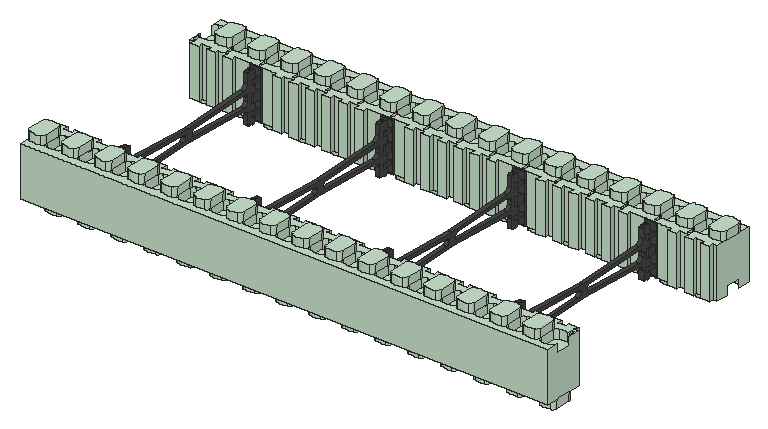
Revit family
Reference planes
  plane 1 "Center (Front/Back)": y = 0
  plane 2: z = 0
  plane 3 "Center (Left/Right)": x = 0
Forms (mm)
  Extrusion 1, solid, material "NUDURA Expanded Polystyrene Foam Insulation"
    sketch origin (0, -0.083, 0) x (1, 0, 0) y (0, 1, 0)
      loop
        line (0, 60.325) -> (0, 0) -> (812.8, 0) -> (812.8, 60.325) -> (805.658, 60.325) -> (807.242, 66.675) -> (792.958, 66.675) -> (794.542, 60.325) -> (780.258, 60.325) -> (781.842, 66.675) -> (767.558, 66.675) -> (769.142, 60.325) -> (754.858, 60.325) -> (756.442, 66.675) -> (742.158, 66.675) -> (743.742, 60.325) -> (678.658, 60.325) -> (680.242, 66.675) -> (665.958, 66.675) -> (667.542, 60.325) -> (653.258, 60.325) -> (654.842, 66.675) -> (640.558, 66.675) -> (642.142, 60.325) -> (627.858, 60.325) -> (629.442, 66.675) -> (615.158, 66.675) -> (616.742, 60.325) -> (602.458, 60.325) -> (604.042, 66.675) -> (589.758, 66.675) -> (591.342, 60.325) -> (577.058, 60.325) -> (578.642, 66.675) -> (564.358, 66.675) -> (565.942, 60.325) -> (551.658, 60.325) -> (553.242, 66.675) -> (538.958, 66.675) -> (540.542, 60.325) -> (475.458, 60.325) -> (477.042, 66.675) -> (462.758, 66.675) -> (464.342, 60.325) -> (450.058, 60.325) -> (451.642, 66.675) -> (437.358, 66.675) -> (438.942, 60.325) -> (424.658, 60.325) -> (426.242, 66.675) -> (411.958, 66.675) -> (413.542, 60.325) -> (399.258, 60.325) -> (400.842, 66.675) -> (386.558, 66.675) -> (388.142, 60.325) -> (373.858, 60.325) -> (375.442, 66.675) -> (361.158, 66.675) -> (362.742, 60.325) -> (348.458, 60.325) -> (350.042, 66.675) -> (335.758, 66.675) -> (337.342, 60.325) -> (272.258, 60.325) -> (273.842, 66.675) -> (259.558, 66.675) -> (261.142, 60.325) -> (246.858, 60.325) -> (248.442, 66.675) -> (234.158, 66.675) -> (235.742, 60.325) -> (221.458, 60.325) -> (223.042, 66.675) -> (208.758, 66.675) -> (210.342, 60.325) -> (196.058, 60.325) -> (197.642, 66.675) -> (183.358, 66.675) -> (184.942, 60.325) -> (170.658, 60.325) -> (172.242, 66.675) -> (157.958, 66.675) -> (159.542, 60.325) -> (145.258, 60.325) -> (146.842, 66.675) -> (132.558, 66.675) -> (134.142, 60.325) -> (69.058, 60.325) -> (70.642, 66.675) -> (56.358, 66.675) -> (57.942, 60.325) -> (43.658, 60.325) -> (45.242, 66.675) -> (30.958, 66.675) -> (32.542, 60.325) -> (18.258, 60.325) -> (19.842, 66.675) -> (5.558, 66.675) -> (7.142, 60.325) -> (0, 60.325)
      loop
        line (0, 327.025) -> (7.142, 327.025) -> (5.558, 320.675) -> (19.842, 320.675) -> (18.258, 327.025) -> (32.542, 327.025) -> (30.958, 320.675) -> (45.242, 320.675) -> (43.658, 327.025) -> (57.942, 327.025) -> (56.358, 320.675) -> (70.642, 320.675) -> (69.058, 327.025) -> (134.142, 327.025) -> (132.558, 320.675) -> (146.842, 320.675) -> (145.258, 327.025) -> (159.542, 327.025) -> (157.958, 320.675) -> (172.242, 320.675) -> (170.658, 327.025) -> (184.942, 327.025) -> (183.358, 320.675) -> (197.642, 320.675) -> (196.058, 327.025) -> (210.342, 327.025) -> (208.758, 320.675) -> (223.042, 320.675) -> (221.458, 327.025) -> (235.742, 327.025) -> (234.158, 320.675) -> (248.442, 320.675) -> (246.858, 327.025) -> (261.142, 327.025) -> (259.558, 320.675) -> (273.842, 320.675) -> (272.258, 327.025) -> (337.342, 327.025) -> (335.758, 320.675) -> (350.042, 320.675) -> (348.458, 327.025) -> (362.742, 327.025) -> (361.158, 320.675) -> (375.442, 320.675) -> (373.858, 327.025) -> (388.142, 327.025) -> (386.558, 320.675) -> (400.842, 320.675) -> (399.258, 327.025) -> (413.542, 327.025) -> (411.958, 320.675) -> (426.242, 320.675) -> (424.658, 327.025) -> (438.942, 327.025) -> (437.358, 320.675) -> (451.642, 320.675) -> (450.058, 327.025) -> (464.342, 327.025) -> (462.758, 320.675) -> (477.042, 320.675) -> (475.458, 327.025) -> (540.542, 327.025) -> (538.958, 320.675) -> (553.242, 320.675) -> (551.658, 327.025) -> (565.942, 327.025) -> (564.358, 320.675) -> (578.642, 320.675) -> (577.058, 327.025) -> (591.342, 327.025) -> (589.758, 320.675) -> (604.042, 320.675) -> (602.458, 327.025) -> (616.742, 327.025) -> (615.158, 320.675) -> (629.442, 320.675) -> (627.858, 327.025) -> (642.142, 327.025) -> (640.558, 320.675) -> (654.842, 320.675) -> (653.258, 327.025) -> (667.542, 327.025) -> (665.958, 320.675) -> (680.242, 320.675) -> (678.658, 327.025) -> (743.742, 327.025) -> (742.158, 320.675) -> (756.442, 320.675) -> (754.858, 327.025) -> (769.142, 327.025) -> (767.558, 320.675) -> (781.842, 320.675) -> (780.258, 327.025) -> (794.542, 327.025) -> (792.958, 320.675) -> (807.242, 320.675) -> (805.658, 327.025) -> (812.8, 327.025) -> (812.8, 387.35) -> (0, 387.35) -> (0, 327.025)
    from 0 to 76.2
  Extrusion 2, void
    sketch origin (0, -0.083, 0) x (1, 0, 0) y (0, 1, 0)
      loop
        line (44.346, 56.046) -> (44.346, 50.418)
        arc (44.346, 50.418) -> (43.786, 49.207) -> (42.5, 48.851) r 1.587
        arc (42.5, 48.851) -> (36.091, 49.138) -> (29.796, 47.903) r 26.987
        arc (29.796, 47.903) -> (26.615, 45.597) -> (25.4, 41.861) r 6.35
        line (25.4, 41.861) -> (25.4, 18.464)
        arc (25.4, 18.464) -> (26.615, 14.728) -> (29.796, 12.422) r 6.35
        arc (29.796, 12.422) -> (38.1, 11.112) -> (46.404, 12.422) r 26.987
        arc (46.404, 12.422) -> (49.585, 14.728) -> (50.8, 18.464) r 6.35
        line (50.8, 18.464) -> (50.8, 41.861)
        arc (50.8, 41.861) -> (50.362, 44.179) -> (49.108, 46.177) r 6.35
        arc (49.108, 46.177) -> (48.795, 46.676) -> (48.685, 47.255) r 1.588
        line (48.685, 47.255) -> (48.685, 56.046) -> (44.346, 56.046)
    from 76.2 to 63.5
  Extrusion 3, void
    sketch origin (50.8, -0.083, 0) x (1, 0, 0) y (0, 1, 0)
      loop
        line (44.346, 56.046) -> (44.346, 50.418)
        arc (44.346, 50.418) -> (43.786, 49.207) -> (42.5, 48.851) r 1.587
        arc (42.5, 48.851) -> (36.091, 49.138) -> (29.796, 47.903) r 26.987
        arc (29.796, 47.903) -> (26.615, 45.597) -> (25.4, 41.861) r 6.35
        line (25.4, 41.861) -> (25.4, 18.464)
        arc (25.4, 18.464) -> (26.615, 14.728) -> (29.796, 12.422) r 6.35
        arc (29.796, 12.422) -> (38.1, 11.112) -> (46.404, 12.422) r 26.987
        arc (46.404, 12.422) -> (49.585, 14.728) -> (50.8, 18.464) r 6.35
        line (50.8, 18.464) -> (50.8, 41.861)
        arc (50.8, 41.861) -> (50.362, 44.179) -> (49.108, 46.177) r 6.35
        arc (49.108, 46.177) -> (48.795, 46.676) -> (48.685, 47.255) r 1.588
        line (48.685, 47.255) -> (48.685, 56.046) -> (44.346, 56.046)
    from 76.2 to 63.5
  Extrusion 4, void
    sketch origin (101.6, -0.083, 0) x (1, 0, 0) y (0, 1, 0)
      loop
        line (44.346, 56.046) -> (44.346, 50.418)
        arc (44.346, 50.418) -> (43.786, 49.207) -> (42.5, 48.851) r 1.587
        arc (42.5, 48.851) -> (36.091, 49.138) -> (29.796, 47.903) r 26.987
        arc (29.796, 47.903) -> (26.615, 45.597) -> (25.4, 41.861) r 6.35
        line (25.4, 41.861) -> (25.4, 18.464)
        arc (25.4, 18.464) -> (26.615, 14.728) -> (29.796, 12.422) r 6.35
        arc (29.796, 12.422) -> (38.1, 11.112) -> (46.404, 12.422) r 26.987
        arc (46.404, 12.422) -> (49.585, 14.728) -> (50.8, 18.464) r 6.35
        line (50.8, 18.464) -> (50.8, 41.861)
        arc (50.8, 41.861) -> (50.362, 44.179) -> (49.108, 46.177) r 6.35
        arc (49.108, 46.177) -> (48.795, 46.676) -> (48.685, 47.255) r 1.588
        line (48.685, 47.255) -> (48.685, 56.046) -> (44.346, 56.046)
    from 76.2 to 63.5
  Extrusion 5, void
    sketch origin (152.4, -0.083, 0) x (1, 0, 0) y (0, 1, 0)
      loop
        line (44.346, 56.046) -> (44.346, 50.418)
        arc (44.346, 50.418) -> (43.786, 49.207) -> (42.5, 48.851) r 1.587
        arc (42.5, 48.851) -> (36.091, 49.138) -> (29.796, 47.903) r 26.987
        arc (29.796, 47.903) -> (26.615, 45.597) -> (25.4, 41.861) r 6.35
        line (25.4, 41.861) -> (25.4, 18.464)
        arc (25.4, 18.464) -> (26.615, 14.728) -> (29.796, 12.422) r 6.35
        arc (29.796, 12.422) -> (38.1, 11.112) -> (46.404, 12.422) r 26.987
        arc (46.404, 12.422) -> (49.585, 14.728) -> (50.8, 18.464) r 6.35
        line (50.8, 18.464) -> (50.8, 41.861)
        arc (50.8, 41.861) -> (50.362, 44.179) -> (49.108, 46.177) r 6.35
        arc (49.108, 46.177) -> (48.795, 46.676) -> (48.685, 47.255) r 1.588
        line (48.685, 47.255) -> (48.685, 56.046) -> (44.346, 56.046)
    from 76.2 to 63.5
  Extrusion 6, void
    sketch origin (203.2, -0.083, 0) x (1, 0, 0) y (0, 1, 0)
      loop
        line (44.346, 56.046) -> (44.346, 50.418)
        arc (44.346, 50.418) -> (43.786, 49.207) -> (42.5, 48.851) r 1.587
        arc (42.5, 48.851) -> (36.091, 49.138) -> (29.796, 47.903) r 26.987
        arc (29.796, 47.903) -> (26.615, 45.597) -> (25.4, 41.861) r 6.35
        line (25.4, 41.861) -> (25.4, 18.464)
        arc (25.4, 18.464) -> (26.615, 14.728) -> (29.796, 12.422) r 6.35
        arc (29.796, 12.422) -> (38.1, 11.112) -> (46.404, 12.422) r 26.987
        arc (46.404, 12.422) -> (49.585, 14.728) -> (50.8, 18.464) r 6.35
        line (50.8, 18.464) -> (50.8, 41.861)
        arc (50.8, 41.861) -> (50.362, 44.179) -> (49.108, 46.177) r 6.35
        arc (49.108, 46.177) -> (48.795, 46.676) -> (48.685, 47.255) r 1.588
        line (48.685, 47.255) -> (48.685, 56.046) -> (44.346, 56.046)
    from 76.2 to 63.5
  Extrusion 7, void
    sketch origin (254, -0.083, 0) x (1, 0, 0) y (0, 1, 0)
      loop
        line (44.346, 56.046) -> (44.346, 50.418)
        arc (44.346, 50.418) -> (43.786, 49.207) -> (42.5, 48.851) r 1.587
        arc (42.5, 48.851) -> (36.091, 49.138) -> (29.796, 47.903) r 26.987
        arc (29.796, 47.903) -> (26.615, 45.597) -> (25.4, 41.861) r 6.35
        line (25.4, 41.861) -> (25.4, 18.464)
        arc (25.4, 18.464) -> (26.615, 14.728) -> (29.796, 12.422) r 6.35
        arc (29.796, 12.422) -> (38.1, 11.112) -> (46.404, 12.422) r 26.987
        arc (46.404, 12.422) -> (49.585, 14.728) -> (50.8, 18.464) r 6.35
        line (50.8, 18.464) -> (50.8, 41.861)
        arc (50.8, 41.861) -> (50.362, 44.179) -> (49.108, 46.177) r 6.35
        arc (49.108, 46.177) -> (48.795, 46.676) -> (48.685, 47.255) r 1.588
        line (48.685, 47.255) -> (48.685, 56.046) -> (44.346, 56.046)
    from 76.2 to 63.5
  Extrusion 8, void
    sketch origin (304.8, -0.083, 0) x (1, 0, 0) y (0, 1, 0)
      loop
        line (44.346, 56.046) -> (44.346, 50.418)
        arc (44.346, 50.418) -> (43.786, 49.207) -> (42.5, 48.851) r 1.587
        arc (42.5, 48.851) -> (36.091, 49.138) -> (29.796, 47.903) r 26.987
        arc (29.796, 47.903) -> (26.615, 45.597) -> (25.4, 41.861) r 6.35
        line (25.4, 41.861) -> (25.4, 18.464)
        arc (25.4, 18.464) -> (26.615, 14.728) -> (29.796, 12.422) r 6.35
        arc (29.796, 12.422) -> (38.1, 11.112) -> (46.404, 12.422) r 26.987
        arc (46.404, 12.422) -> (49.585, 14.728) -> (50.8, 18.464) r 6.35
        line (50.8, 18.464) -> (50.8, 41.861)
        arc (50.8, 41.861) -> (50.362, 44.179) -> (49.108, 46.177) r 6.35
        arc (49.108, 46.177) -> (48.795, 46.676) -> (48.685, 47.255) r 1.588
        line (48.685, 47.255) -> (48.685, 56.046) -> (44.346, 56.046)
    from 76.2 to 63.5
  Extrusion 9, void
    sketch origin (355.6, -0.083, 0) x (1, 0, 0) y (0, 1, 0)
      loop
        line (44.346, 56.046) -> (44.346, 50.418)
        arc (44.346, 50.418) -> (43.786, 49.207) -> (42.5, 48.851) r 1.587
        arc (42.5, 48.851) -> (36.091, 49.138) -> (29.796, 47.903) r 26.987
        arc (29.796, 47.903) -> (26.615, 45.597) -> (25.4, 41.861) r 6.35
        line (25.4, 41.861) -> (25.4, 18.464)
        arc (25.4, 18.464) -> (26.615, 14.728) -> (29.796, 12.422) r 6.35
        arc (29.796, 12.422) -> (38.1, 11.112) -> (46.404, 12.422) r 26.987
        arc (46.404, 12.422) -> (49.585, 14.728) -> (50.8, 18.464) r 6.35
        line (50.8, 18.464) -> (50.8, 41.861)
        arc (50.8, 41.861) -> (50.362, 44.179) -> (49.108, 46.177) r 6.35
        arc (49.108, 46.177) -> (48.795, 46.676) -> (48.685, 47.255) r 1.588
        line (48.685, 47.255) -> (48.685, 56.046) -> (44.346, 56.046)
    from 76.2 to 63.5
  Extrusion 10, void
    sketch origin (406.4, -0.083, 0) x (1, 0, 0) y (0, 1, 0)
      loop
        line (44.346, 56.046) -> (44.346, 50.418)
        arc (44.346, 50.418) -> (43.786, 49.207) -> (42.5, 48.851) r 1.587
        arc (42.5, 48.851) -> (36.091, 49.138) -> (29.796, 47.903) r 26.987
        arc (29.796, 47.903) -> (26.615, 45.597) -> (25.4, 41.861) r 6.35
        line (25.4, 41.861) -> (25.4, 18.464)
        arc (25.4, 18.464) -> (26.615, 14.728) -> (29.796, 12.422) r 6.35
        arc (29.796, 12.422) -> (38.1, 11.112) -> (46.404, 12.422) r 26.987
        arc (46.404, 12.422) -> (49.585, 14.728) -> (50.8, 18.464) r 6.35
        line (50.8, 18.464) -> (50.8, 41.861)
        arc (50.8, 41.861) -> (50.362, 44.179) -> (49.108, 46.177) r 6.35
        arc (49.108, 46.177) -> (48.795, 46.676) -> (48.685, 47.255) r 1.588
        line (48.685, 47.255) -> (48.685, 56.046) -> (44.346, 56.046)
    from 76.2 to 63.5
  Extrusion 11, void
    sketch origin (457.2, -0.083, 0) x (1, 0, 0) y (0, 1, 0)
      loop
        line (44.346, 56.046) -> (44.346, 50.418)
        arc (44.346, 50.418) -> (43.786, 49.207) -> (42.5, 48.851) r 1.587
        arc (42.5, 48.851) -> (36.091, 49.138) -> (29.796, 47.903) r 26.987
        arc (29.796, 47.903) -> (26.615, 45.597) -> (25.4, 41.861) r 6.35
        line (25.4, 41.861) -> (25.4, 18.464)
        arc (25.4, 18.464) -> (26.615, 14.728) -> (29.796, 12.422) r 6.35
        arc (29.796, 12.422) -> (38.1, 11.112) -> (46.404, 12.422) r 26.987
        arc (46.404, 12.422) -> (49.585, 14.728) -> (50.8, 18.464) r 6.35
        line (50.8, 18.464) -> (50.8, 41.861)
        arc (50.8, 41.861) -> (50.362, 44.179) -> (49.108, 46.177) r 6.35
        arc (49.108, 46.177) -> (48.795, 46.676) -> (48.685, 47.255) r 1.588
        line (48.685, 47.255) -> (48.685, 56.046) -> (44.346, 56.046)
    from 76.2 to 63.5
  Extrusion 12, void
    sketch origin (508, -0.083, 0) x (1, 0, 0) y (0, 1, 0)
      loop
        line (44.346, 56.046) -> (44.346, 50.418)
        arc (44.346, 50.418) -> (43.786, 49.207) -> (42.5, 48.851) r 1.587
        arc (42.5, 48.851) -> (36.091, 49.138) -> (29.796, 47.903) r 26.987
        arc (29.796, 47.903) -> (26.615, 45.597) -> (25.4, 41.861) r 6.35
        line (25.4, 41.861) -> (25.4, 18.464)
        arc (25.4, 18.464) -> (26.615, 14.728) -> (29.796, 12.422) r 6.35
        arc (29.796, 12.422) -> (38.1, 11.112) -> (46.404, 12.422) r 26.987
        arc (46.404, 12.422) -> (49.585, 14.728) -> (50.8, 18.464) r 6.35
        line (50.8, 18.464) -> (50.8, 41.861)
        arc (50.8, 41.861) -> (50.362, 44.179) -> (49.108, 46.177) r 6.35
        arc (49.108, 46.177) -> (48.795, 46.676) -> (48.685, 47.255) r 1.588
        line (48.685, 47.255) -> (48.685, 56.046) -> (44.346, 56.046)
    from 76.2 to 63.5
  Extrusion 13, void
    sketch origin (558.8, -0.083, 0) x (1, 0, 0) y (0, 1, 0)
      loop
        line (44.346, 56.046) -> (44.346, 50.418)
        arc (44.346, 50.418) -> (43.786, 49.207) -> (42.5, 48.851) r 1.587
        arc (42.5, 48.851) -> (36.091, 49.138) -> (29.796, 47.903) r 26.987
        arc (29.796, 47.903) -> (26.615, 45.597) -> (25.4, 41.861) r 6.35
        line (25.4, 41.861) -> (25.4, 18.464)
        arc (25.4, 18.464) -> (26.615, 14.728) -> (29.796, 12.422) r 6.35
        arc (29.796, 12.422) -> (38.1, 11.112) -> (46.404, 12.422) r 26.987
        arc (46.404, 12.422) -> (49.585, 14.728) -> (50.8, 18.464) r 6.35
        line (50.8, 18.464) -> (50.8, 41.861)
        arc (50.8, 41.861) -> (50.362, 44.179) -> (49.108, 46.177) r 6.35
        arc (49.108, 46.177) -> (48.795, 46.676) -> (48.685, 47.255) r 1.588
        line (48.685, 47.255) -> (48.685, 56.046) -> (44.346, 56.046)
    from 76.2 to 63.5
  Extrusion 14, void
    sketch origin (609.6, -0.083, 0) x (1, 0, 0) y (0, 1, 0)
      loop
        line (44.346, 56.046) -> (44.346, 50.418)
        arc (44.346, 50.418) -> (43.786, 49.207) -> (42.5, 48.851) r 1.587
        arc (42.5, 48.851) -> (36.091, 49.138) -> (29.796, 47.903) r 26.987
        arc (29.796, 47.903) -> (26.615, 45.597) -> (25.4, 41.861) r 6.35
        line (25.4, 41.861) -> (25.4, 18.464)
        arc (25.4, 18.464) -> (26.615, 14.728) -> (29.796, 12.422) r 6.35
        arc (29.796, 12.422) -> (38.1, 11.112) -> (46.404, 12.422) r 26.987
        arc (46.404, 12.422) -> (49.585, 14.728) -> (50.8, 18.464) r 6.35
        line (50.8, 18.464) -> (50.8, 41.861)
        arc (50.8, 41.861) -> (50.362, 44.179) -> (49.108, 46.177) r 6.35
        arc (49.108, 46.177) -> (48.795, 46.676) -> (48.685, 47.255) r 1.588
        line (48.685, 47.255) -> (48.685, 56.046) -> (44.346, 56.046)
    from 76.2 to 63.5
  Extrusion 15, void
    sketch origin (660.4, -0.083, 0) x (1, 0, 0) y (0, 1, 0)
      loop
        line (44.346, 56.046) -> (44.346, 50.418)
        arc (44.346, 50.418) -> (43.786, 49.207) -> (42.5, 48.851) r 1.587
        arc (42.5, 48.851) -> (36.091, 49.138) -> (29.796, 47.903) r 26.987
        arc (29.796, 47.903) -> (26.615, 45.597) -> (25.4, 41.861) r 6.35
        line (25.4, 41.861) -> (25.4, 18.464)
        arc (25.4, 18.464) -> (26.615, 14.728) -> (29.796, 12.422) r 6.35
        arc (29.796, 12.422) -> (38.1, 11.112) -> (46.404, 12.422) r 26.987
        arc (46.404, 12.422) -> (49.585, 14.728) -> (50.8, 18.464) r 6.35
        line (50.8, 18.464) -> (50.8, 41.861)
        arc (50.8, 41.861) -> (50.362, 44.179) -> (49.108, 46.177) r 6.35
        arc (49.108, 46.177) -> (48.795, 46.676) -> (48.685, 47.255) r 1.588
        line (48.685, 47.255) -> (48.685, 56.046) -> (44.346, 56.046)
    from 76.2 to 63.5
  Extrusion 16, void
    sketch origin (711.2, -0.083, 0) x (1, 0, 0) y (0, 1, 0)
      loop
        line (44.346, 56.046) -> (44.346, 50.418)
        arc (44.346, 50.418) -> (43.786, 49.207) -> (42.5, 48.851) r 1.587
        arc (42.5, 48.851) -> (36.091, 49.138) -> (29.796, 47.903) r 26.987
        arc (29.796, 47.903) -> (26.615, 45.597) -> (25.4, 41.861) r 6.35
        line (25.4, 41.861) -> (25.4, 18.464)
        arc (25.4, 18.464) -> (26.615, 14.728) -> (29.796, 12.422) r 6.35
        arc (29.796, 12.422) -> (38.1, 11.112) -> (46.404, 12.422) r 26.987
        arc (46.404, 12.422) -> (49.585, 14.728) -> (50.8, 18.464) r 6.35
        line (50.8, 18.464) -> (50.8, 41.861)
        arc (50.8, 41.861) -> (50.362, 44.179) -> (49.108, 46.177) r 6.35
        arc (49.108, 46.177) -> (48.795, 46.676) -> (48.685, 47.255) r 1.588
        line (48.685, 47.255) -> (48.685, 56.046) -> (44.346, 56.046)
    from 76.2 to 63.5
  Extrusion 17, void
    sketch origin (762, -0.083, 0) x (1, 0, 0) y (0, 1, 0)
      loop
        line (44.346, 56.046) -> (44.346, 50.418)
        arc (44.346, 50.418) -> (43.786, 49.207) -> (42.5, 48.851) r 1.587
        arc (42.5, 48.851) -> (36.091, 49.138) -> (29.796, 47.903) r 26.987
        arc (29.796, 47.903) -> (26.615, 45.597) -> (25.4, 41.861) r 6.35
        line (25.4, 41.861) -> (25.4, 18.464)
        arc (25.4, 18.464) -> (26.615, 14.728) -> (29.796, 12.422) r 6.35
        arc (29.796, 12.422) -> (38.1, 11.112) -> (46.404, 12.422) r 26.987
        arc (46.404, 12.422) -> (49.585, 14.728) -> (50.8, 18.464) r 6.35
        line (50.8, 18.464) -> (50.8, 41.861)
        arc (50.8, 41.861) -> (50.362, 44.179) -> (49.108, 46.177) r 6.35
        arc (49.108, 46.177) -> (48.795, 46.676) -> (48.685, 47.255) r 1.588
        line (48.685, 47.255) -> (48.685, 56.046) -> (44.346, 56.046)
    from 76.2 to 63.5
  Extrusion 18, void
    sketch origin (0, -0.083, 0) x (1, 0, 0) y (0, 1, 0)
      loop
        line (6.454, 56.046) -> (2.115, 56.046) -> (2.115, 47.255)
        arc (2.115, 47.255) -> (2.005, 46.676) -> (1.692, 46.177) r 1.588
        arc (1.692, 46.177) -> (0.438, 44.179) -> (0, 41.861) r 6.35
        line (0, 41.861) -> (0, 18.464)
        arc (0, 18.464) -> (1.215, 14.728) -> (4.396, 12.422) r 6.35
        arc (4.396, 12.422) -> (12.7, 11.112) -> (21.004, 12.422) r 26.987
        arc (21.004, 12.422) -> (24.185, 14.728) -> (25.4, 18.464) r 6.35
        line (25.4, 18.464) -> (25.4, 41.861)
        arc (25.4, 41.861) -> (24.185, 45.597) -> (21.004, 47.903) r 6.35
        arc (21.004, 47.903) -> (14.709, 49.138) -> (8.3, 48.851) r 26.987
        arc (8.3, 48.851) -> (7.014, 49.207) -> (6.454, 50.418) r 1.587
        line (6.454, 50.418) -> (6.454, 56.046)
    from 0 to 12.7
  Extrusion 19, void
    sketch origin (50.8, -0.083, 0) x (1, 0, 0) y (0, 1, 0)
      loop
        line (6.454, 56.046) -> (2.115, 56.046) -> (2.115, 47.255)
        arc (2.115, 47.255) -> (2.005, 46.676) -> (1.692, 46.177) r 1.588
        arc (1.692, 46.177) -> (0.438, 44.179) -> (0, 41.861) r 6.35
        line (0, 41.861) -> (0, 18.464)
        arc (0, 18.464) -> (1.215, 14.728) -> (4.396, 12.422) r 6.35
        arc (4.396, 12.422) -> (12.7, 11.112) -> (21.004, 12.422) r 26.987
        arc (21.004, 12.422) -> (24.185, 14.728) -> (25.4, 18.464) r 6.35
        line (25.4, 18.464) -> (25.4, 41.861)
        arc (25.4, 41.861) -> (24.185, 45.597) -> (21.004, 47.903) r 6.35
        arc (21.004, 47.903) -> (14.709, 49.138) -> (8.3, 48.851) r 26.987
        arc (8.3, 48.851) -> (7.014, 49.207) -> (6.454, 50.418) r 1.587
        line (6.454, 50.418) -> (6.454, 56.046)
    from 0 to 12.7
  Extrusion 20, void
    sketch origin (101.6, -0.083, 0) x (1, 0, 0) y (0, 1, 0)
      loop
        line (6.454, 56.046) -> (2.115, 56.046) -> (2.115, 47.255)
        arc (2.115, 47.255) -> (2.005, 46.676) -> (1.692, 46.177) r 1.588
        arc (1.692, 46.177) -> (0.438, 44.179) -> (0, 41.861) r 6.35
        line (0, 41.861) -> (0, 18.464)
        arc (0, 18.464) -> (1.215, 14.728) -> (4.396, 12.422) r 6.35
        arc (4.396, 12.422) -> (12.7, 11.112) -> (21.004, 12.422) r 26.987
        arc (21.004, 12.422) -> (24.185, 14.728) -> (25.4, 18.464) r 6.35
        line (25.4, 18.464) -> (25.4, 41.861)
        arc (25.4, 41.861) -> (24.185, 45.597) -> (21.004, 47.903) r 6.35
        arc (21.004, 47.903) -> (14.709, 49.138) -> (8.3, 48.851) r 26.987
        arc (8.3, 48.851) -> (7.014, 49.207) -> (6.454, 50.418) r 1.587
        line (6.454, 50.418) -> (6.454, 56.046)
    from 0 to 12.7
  Extrusion 21, void
    sketch origin (152.4, -0.083, 0) x (1, 0, 0) y (0, 1, 0)
      loop
        line (6.454, 56.046) -> (2.115, 56.046) -> (2.115, 47.255)
        arc (2.115, 47.255) -> (2.005, 46.676) -> (1.692, 46.177) r 1.588
        arc (1.692, 46.177) -> (0.438, 44.179) -> (0, 41.861) r 6.35
        line (0, 41.861) -> (0, 18.464)
        arc (0, 18.464) -> (1.215, 14.728) -> (4.396, 12.422) r 6.35
        arc (4.396, 12.422) -> (12.7, 11.112) -> (21.004, 12.422) r 26.987
        arc (21.004, 12.422) -> (24.185, 14.728) -> (25.4, 18.464) r 6.35
        line (25.4, 18.464) -> (25.4, 41.861)
        arc (25.4, 41.861) -> (24.185, 45.597) -> (21.004, 47.903) r 6.35
        arc (21.004, 47.903) -> (14.709, 49.138) -> (8.3, 48.851) r 26.987
        arc (8.3, 48.851) -> (7.014, 49.207) -> (6.454, 50.418) r 1.587
        line (6.454, 50.418) -> (6.454, 56.046)
    from 0 to 12.7
  Extrusion 22, void
    sketch origin (203.2, -0.083, 0) x (1, 0, 0) y (0, 1, 0)
      loop
        line (6.454, 56.046) -> (2.115, 56.046) -> (2.115, 47.255)
        arc (2.115, 47.255) -> (2.005, 46.676) -> (1.692, 46.177) r 1.588
        arc (1.692, 46.177) -> (0.438, 44.179) -> (0, 41.861) r 6.35
        line (0, 41.861) -> (0, 18.464)
        arc (0, 18.464) -> (1.215, 14.728) -> (4.396, 12.422) r 6.35
        arc (4.396, 12.422) -> (12.7, 11.112) -> (21.004, 12.422) r 26.987
        arc (21.004, 12.422) -> (24.185, 14.728) -> (25.4, 18.464) r 6.35
        line (25.4, 18.464) -> (25.4, 41.861)
        arc (25.4, 41.861) -> (24.185, 45.597) -> (21.004, 47.903) r 6.35
        arc (21.004, 47.903) -> (14.709, 49.138) -> (8.3, 48.851) r 26.987
        arc (8.3, 48.851) -> (7.014, 49.207) -> (6.454, 50.418) r 1.587
        line (6.454, 50.418) -> (6.454, 56.046)
    from 0 to 12.7
  Extrusion 23, void
    sketch origin (254, -0.083, 0) x (1, 0, 0) y (0, 1, 0)
      loop
        line (6.454, 56.046) -> (2.115, 56.046) -> (2.115, 47.255)
        arc (2.115, 47.255) -> (2.005, 46.676) -> (1.692, 46.177) r 1.588
        arc (1.692, 46.177) -> (0.438, 44.179) -> (0, 41.861) r 6.35
        line (0, 41.861) -> (0, 18.464)
        arc (0, 18.464) -> (1.215, 14.728) -> (4.396, 12.422) r 6.35
        arc (4.396, 12.422) -> (12.7, 11.112) -> (21.004, 12.422) r 26.987
        arc (21.004, 12.422) -> (24.185, 14.728) -> (25.4, 18.464) r 6.35
        line (25.4, 18.464) -> (25.4, 41.861)
        arc (25.4, 41.861) -> (24.185, 45.597) -> (21.004, 47.903) r 6.35
        arc (21.004, 47.903) -> (14.709, 49.138) -> (8.3, 48.851) r 26.987
        arc (8.3, 48.851) -> (7.014, 49.207) -> (6.454, 50.418) r 1.587
        line (6.454, 50.418) -> (6.454, 56.046)
    from 0 to 12.7
  Extrusion 24, void
    sketch origin (304.8, -0.083, 0) x (1, 0, 0) y (0, 1, 0)
      loop
        line (6.454, 56.046) -> (2.115, 56.046) -> (2.115, 47.255)
        arc (2.115, 47.255) -> (2.005, 46.676) -> (1.692, 46.177) r 1.588
        arc (1.692, 46.177) -> (0.438, 44.179) -> (0, 41.861) r 6.35
        line (0, 41.861) -> (0, 18.464)
        arc (0, 18.464) -> (1.215, 14.728) -> (4.396, 12.422) r 6.35
        arc (4.396, 12.422) -> (12.7, 11.112) -> (21.004, 12.422) r 26.987
        arc (21.004, 12.422) -> (24.185, 14.728) -> (25.4, 18.464) r 6.35
        line (25.4, 18.464) -> (25.4, 41.861)
        arc (25.4, 41.861) -> (24.185, 45.597) -> (21.004, 47.903) r 6.35
        arc (21.004, 47.903) -> (14.709, 49.138) -> (8.3, 48.851) r 26.987
        arc (8.3, 48.851) -> (7.014, 49.207) -> (6.454, 50.418) r 1.587
        line (6.454, 50.418) -> (6.454, 56.046)
    from 0 to 12.7
  Extrusion 25, void
    sketch origin (355.6, -0.083, 0) x (1, 0, 0) y (0, 1, 0)
      loop
        line (6.454, 56.046) -> (2.115, 56.046) -> (2.115, 47.255)
        arc (2.115, 47.255) -> (2.005, 46.676) -> (1.692, 46.177) r 1.588
        arc (1.692, 46.177) -> (0.438, 44.179) -> (0, 41.861) r 6.35
        line (0, 41.861) -> (0, 18.464)
        arc (0, 18.464) -> (1.215, 14.728) -> (4.396, 12.422) r 6.35
        arc (4.396, 12.422) -> (12.7, 11.112) -> (21.004, 12.422) r 26.987
        arc (21.004, 12.422) -> (24.185, 14.728) -> (25.4, 18.464) r 6.35
        line (25.4, 18.464) -> (25.4, 41.861)
        arc (25.4, 41.861) -> (24.185, 45.597) -> (21.004, 47.903) r 6.35
        arc (21.004, 47.903) -> (14.709, 49.138) -> (8.3, 48.851) r 26.987
        arc (8.3, 48.851) -> (7.014, 49.207) -> (6.454, 50.418) r 1.587
        line (6.454, 50.418) -> (6.454, 56.046)
    from 0 to 12.7
  Extrusion 26, void
    sketch origin (406.4, -0.083, 0) x (1, 0, 0) y (0, 1, 0)
      loop
        line (6.454, 56.046) -> (2.115, 56.046) -> (2.115, 47.255)
        arc (2.115, 47.255) -> (2.005, 46.676) -> (1.692, 46.177) r 1.588
        arc (1.692, 46.177) -> (0.438, 44.179) -> (0, 41.861) r 6.35
        line (0, 41.861) -> (0, 18.464)
        arc (0, 18.464) -> (1.215, 14.728) -> (4.396, 12.422) r 6.35
        arc (4.396, 12.422) -> (12.7, 11.112) -> (21.004, 12.422) r 26.987
        arc (21.004, 12.422) -> (24.185, 14.728) -> (25.4, 18.464) r 6.35
        line (25.4, 18.464) -> (25.4, 41.861)
        arc (25.4, 41.861) -> (24.185, 45.597) -> (21.004, 47.903) r 6.35
        arc (21.004, 47.903) -> (14.709, 49.138) -> (8.3, 48.851) r 26.987
        arc (8.3, 48.851) -> (7.014, 49.207) -> (6.454, 50.418) r 1.587
        line (6.454, 50.418) -> (6.454, 56.046)
    from 0 to 12.7
  Extrusion 27, void
    sketch origin (457.2, -0.083, 0) x (1, 0, 0) y (0, 1, 0)
      loop
        line (6.454, 56.046) -> (2.115, 56.046) -> (2.115, 47.255)
        arc (2.115, 47.255) -> (2.005, 46.676) -> (1.692, 46.177) r 1.588
        arc (1.692, 46.177) -> (0.438, 44.179) -> (0, 41.861) r 6.35
        line (0, 41.861) -> (0, 18.464)
        arc (0, 18.464) -> (1.215, 14.728) -> (4.396, 12.422) r 6.35
        arc (4.396, 12.422) -> (12.7, 11.112) -> (21.004, 12.422) r 26.987
        arc (21.004, 12.422) -> (24.185, 14.728) -> (25.4, 18.464) r 6.35
        line (25.4, 18.464) -> (25.4, 41.861)
        arc (25.4, 41.861) -> (24.185, 45.597) -> (21.004, 47.903) r 6.35
        arc (21.004, 47.903) -> (14.709, 49.138) -> (8.3, 48.851) r 26.987
        arc (8.3, 48.851) -> (7.014, 49.207) -> (6.454, 50.418) r 1.587
        line (6.454, 50.418) -> (6.454, 56.046)
    from 0 to 12.7
  Extrusion 28, void
    sketch origin (508, -0.083, 0) x (1, 0, 0) y (0, 1, 0)
      loop
        line (6.454, 56.046) -> (2.115, 56.046) -> (2.115, 47.255)
        arc (2.115, 47.255) -> (2.005, 46.676) -> (1.692, 46.177) r 1.588
        arc (1.692, 46.177) -> (0.438, 44.179) -> (0, 41.861) r 6.35
        line (0, 41.861) -> (0, 18.464)
        arc (0, 18.464) -> (1.215, 14.728) -> (4.396, 12.422) r 6.35
        arc (4.396, 12.422) -> (12.7, 11.112) -> (21.004, 12.422) r 26.987
        arc (21.004, 12.422) -> (24.185, 14.728) -> (25.4, 18.464) r 6.35
        line (25.4, 18.464) -> (25.4, 41.861)
        arc (25.4, 41.861) -> (24.185, 45.597) -> (21.004, 47.903) r 6.35
        arc (21.004, 47.903) -> (14.709, 49.138) -> (8.3, 48.851) r 26.987
        arc (8.3, 48.851) -> (7.014, 49.207) -> (6.454, 50.418) r 1.587
        line (6.454, 50.418) -> (6.454, 56.046)
    from 0 to 12.7
  Extrusion 29, void
    sketch origin (558.8, -0.083, 0) x (1, 0, 0) y (0, 1, 0)
      loop
        line (6.454, 56.046) -> (2.115, 56.046) -> (2.115, 47.255)
        arc (2.115, 47.255) -> (2.005, 46.676) -> (1.692, 46.177) r 1.588
        arc (1.692, 46.177) -> (0.438, 44.179) -> (0, 41.861) r 6.35
        line (0, 41.861) -> (0, 18.464)
        arc (0, 18.464) -> (1.215, 14.728) -> (4.396, 12.422) r 6.35
        arc (4.396, 12.422) -> (12.7, 11.112) -> (21.004, 12.422) r 26.987
        arc (21.004, 12.422) -> (24.185, 14.728) -> (25.4, 18.464) r 6.35
        line (25.4, 18.464) -> (25.4, 41.861)
        arc (25.4, 41.861) -> (24.185, 45.597) -> (21.004, 47.903) r 6.35
        arc (21.004, 47.903) -> (14.709, 49.138) -> (8.3, 48.851) r 26.987
        arc (8.3, 48.851) -> (7.014, 49.207) -> (6.454, 50.418) r 1.587
        line (6.454, 50.418) -> (6.454, 56.046)
    from 0 to 12.7
  Extrusion 30, void
    sketch origin (609.6, -0.083, 0) x (1, 0, 0) y (0, 1, 0)
      loop
        line (6.454, 56.046) -> (2.115, 56.046) -> (2.115, 47.255)
        arc (2.115, 47.255) -> (2.005, 46.676) -> (1.692, 46.177) r 1.588
        arc (1.692, 46.177) -> (0.438, 44.179) -> (0, 41.861) r 6.35
        line (0, 41.861) -> (0, 18.464)
        arc (0, 18.464) -> (1.215, 14.728) -> (4.396, 12.422) r 6.35
        arc (4.396, 12.422) -> (12.7, 11.112) -> (21.004, 12.422) r 26.987
        arc (21.004, 12.422) -> (24.185, 14.728) -> (25.4, 18.464) r 6.35
        line (25.4, 18.464) -> (25.4, 41.861)
        arc (25.4, 41.861) -> (24.185, 45.597) -> (21.004, 47.903) r 6.35
        arc (21.004, 47.903) -> (14.709, 49.138) -> (8.3, 48.851) r 26.987
        arc (8.3, 48.851) -> (7.014, 49.207) -> (6.454, 50.418) r 1.587
        line (6.454, 50.418) -> (6.454, 56.046)
    from 0 to 12.7
  Extrusion 31, void
    sketch origin (660.4, -0.083, 0) x (1, 0, 0) y (0, 1, 0)
      loop
        line (6.454, 56.046) -> (2.115, 56.046) -> (2.115, 47.255)
        arc (2.115, 47.255) -> (2.005, 46.676) -> (1.692, 46.177) r 1.588
        arc (1.692, 46.177) -> (0.438, 44.179) -> (0, 41.861) r 6.35
        line (0, 41.861) -> (0, 18.464)
        arc (0, 18.464) -> (1.215, 14.728) -> (4.396, 12.422) r 6.35
        arc (4.396, 12.422) -> (12.7, 11.112) -> (21.004, 12.422) r 26.987
        arc (21.004, 12.422) -> (24.185, 14.728) -> (25.4, 18.464) r 6.35
        line (25.4, 18.464) -> (25.4, 41.861)
        arc (25.4, 41.861) -> (24.185, 45.597) -> (21.004, 47.903) r 6.35
        arc (21.004, 47.903) -> (14.709, 49.138) -> (8.3, 48.851) r 26.987
        arc (8.3, 48.851) -> (7.014, 49.207) -> (6.454, 50.418) r 1.587
        line (6.454, 50.418) -> (6.454, 56.046)
    from 0 to 12.7
  Extrusion 32, void
    sketch origin (711.2, -0.083, 0) x (1, 0, 0) y (0, 1, 0)
      loop
        line (6.454, 56.046) -> (2.115, 56.046) -> (2.115, 47.255)
        arc (2.115, 47.255) -> (2.005, 46.676) -> (1.692, 46.177) r 1.588
        arc (1.692, 46.177) -> (0.438, 44.179) -> (0, 41.861) r 6.35
        line (0, 41.861) -> (0, 18.464)
        arc (0, 18.464) -> (1.215, 14.728) -> (4.396, 12.422) r 6.35
        arc (4.396, 12.422) -> (12.7, 11.112) -> (21.004, 12.422) r 26.987
        arc (21.004, 12.422) -> (24.185, 14.728) -> (25.4, 18.464) r 6.35
        line (25.4, 18.464) -> (25.4, 41.861)
        arc (25.4, 41.861) -> (24.185, 45.597) -> (21.004, 47.903) r 6.35
        arc (21.004, 47.903) -> (14.709, 49.138) -> (8.3, 48.851) r 26.987
        arc (8.3, 48.851) -> (7.014, 49.207) -> (6.454, 50.418) r 1.587
        line (6.454, 50.418) -> (6.454, 56.046)
    from 0 to 12.7
  Extrusion 33, void
    sketch origin (762, -0.083, 0) x (1, 0, 0) y (0, 1, 0)
      loop
        line (6.454, 56.046) -> (2.115, 56.046) -> (2.115, 47.255)
        arc (2.115, 47.255) -> (2.005, 46.676) -> (1.692, 46.177) r 1.588
        arc (1.692, 46.177) -> (0.438, 44.179) -> (0, 41.861) r 6.35
        line (0, 41.861) -> (0, 18.464)
        arc (0, 18.464) -> (1.215, 14.728) -> (4.396, 12.422) r 6.35
        arc (4.396, 12.422) -> (12.7, 11.112) -> (21.004, 12.422) r 26.987
        arc (21.004, 12.422) -> (24.185, 14.728) -> (25.4, 18.464) r 6.35
        line (25.4, 18.464) -> (25.4, 41.861)
        arc (25.4, 41.861) -> (24.185, 45.597) -> (21.004, 47.903) r 6.35
        arc (21.004, 47.903) -> (14.709, 49.138) -> (8.3, 48.851) r 26.987
        arc (8.3, 48.851) -> (7.014, 49.207) -> (6.454, 50.418) r 1.587
        line (6.454, 50.418) -> (6.454, 56.046)
    from 0 to 12.7
  Extrusion 34, void
    sketch origin (812.8, 387.267, 0) x (-1, 0, 0) y (0, -1, 0)
      loop
        line (44.346, 56.046) -> (44.346, 50.418)
        arc (44.346, 50.418) -> (43.786, 49.207) -> (42.5, 48.851) r 1.587
        arc (42.5, 48.851) -> (36.091, 49.138) -> (29.796, 47.903) r 26.987
        arc (29.796, 47.903) -> (26.615, 45.597) -> (25.4, 41.861) r 6.35
        line (25.4, 41.861) -> (25.4, 18.464)
        arc (25.4, 18.464) -> (26.615, 14.728) -> (29.796, 12.422) r 6.35
        arc (29.796, 12.422) -> (38.1, 11.112) -> (46.404, 12.422) r 26.987
        arc (46.404, 12.422) -> (49.585, 14.728) -> (50.8, 18.464) r 6.35
        line (50.8, 18.464) -> (50.8, 41.861)
        arc (50.8, 41.861) -> (50.362, 44.179) -> (49.108, 46.177) r 6.35
        arc (49.108, 46.177) -> (48.795, 46.676) -> (48.685, 47.255) r 1.588
        line (48.685, 47.255) -> (48.685, 56.046) -> (44.346, 56.046)
    from 76.2 to 63.5
  Extrusion 35, void
    sketch origin (762, 387.267, 0) x (-1, 0, 0) y (0, -1, 0)
      loop
        line (44.346, 56.046) -> (44.346, 50.418)
        arc (44.346, 50.418) -> (43.786, 49.207) -> (42.5, 48.851) r 1.587
        arc (42.5, 48.851) -> (36.091, 49.138) -> (29.796, 47.903) r 26.987
        arc (29.796, 47.903) -> (26.615, 45.597) -> (25.4, 41.861) r 6.35
        line (25.4, 41.861) -> (25.4, 18.464)
        arc (25.4, 18.464) -> (26.615, 14.728) -> (29.796, 12.422) r 6.35
        arc (29.796, 12.422) -> (38.1, 11.112) -> (46.404, 12.422) r 26.987
        arc (46.404, 12.422) -> (49.585, 14.728) -> (50.8, 18.464) r 6.35
        line (50.8, 18.464) -> (50.8, 41.861)
        arc (50.8, 41.861) -> (50.362, 44.179) -> (49.108, 46.177) r 6.35
        arc (49.108, 46.177) -> (48.795, 46.676) -> (48.685, 47.255) r 1.588
        line (48.685, 47.255) -> (48.685, 56.046) -> (44.346, 56.046)
    from 76.2 to 63.5
  Extrusion 36, void
    sketch origin (711.2, 387.267, 0) x (-1, 0, 0) y (0, -1, 0)
      loop
        line (44.346, 56.046) -> (44.346, 50.418)
        arc (44.346, 50.418) -> (43.786, 49.207) -> (42.5, 48.851) r 1.587
        arc (42.5, 48.851) -> (36.091, 49.138) -> (29.796, 47.903) r 26.987
        arc (29.796, 47.903) -> (26.615, 45.597) -> (25.4, 41.861) r 6.35
        line (25.4, 41.861) -> (25.4, 18.464)
        arc (25.4, 18.464) -> (26.615, 14.728) -> (29.796, 12.422) r 6.35
        arc (29.796, 12.422) -> (38.1, 11.112) -> (46.404, 12.422) r 26.987
        arc (46.404, 12.422) -> (49.585, 14.728) -> (50.8, 18.464) r 6.35
        line (50.8, 18.464) -> (50.8, 41.861)
        arc (50.8, 41.861) -> (50.362, 44.179) -> (49.108, 46.177) r 6.35
        arc (49.108, 46.177) -> (48.795, 46.676) -> (48.685, 47.255) r 1.588
        line (48.685, 47.255) -> (48.685, 56.046) -> (44.346, 56.046)
    from 76.2 to 63.5
  Extrusion 37, void
    sketch origin (660.4, 387.267, 0) x (-1, 0, 0) y (0, -1, 0)
      loop
        line (44.346, 56.046) -> (44.346, 50.418)
        arc (44.346, 50.418) -> (43.786, 49.207) -> (42.5, 48.851) r 1.587
        arc (42.5, 48.851) -> (36.091, 49.138) -> (29.796, 47.903) r 26.987
        arc (29.796, 47.903) -> (26.615, 45.597) -> (25.4, 41.861) r 6.35
        line (25.4, 41.861) -> (25.4, 18.464)
        arc (25.4, 18.464) -> (26.615, 14.728) -> (29.796, 12.422) r 6.35
        arc (29.796, 12.422) -> (38.1, 11.112) -> (46.404, 12.422) r 26.987
        arc (46.404, 12.422) -> (49.585, 14.728) -> (50.8, 18.464) r 6.35
        line (50.8, 18.464) -> (50.8, 41.861)
        arc (50.8, 41.861) -> (50.362, 44.179) -> (49.108, 46.177) r 6.35
        arc (49.108, 46.177) -> (48.795, 46.676) -> (48.685, 47.255) r 1.588
        line (48.685, 47.255) -> (48.685, 56.046) -> (44.346, 56.046)
    from 76.2 to 63.5
  Extrusion 38, void
    sketch origin (609.6, 387.267, 0) x (-1, 0, 0) y (0, -1, 0)
      loop
        line (44.346, 56.046) -> (44.346, 50.418)
        arc (44.346, 50.418) -> (43.786, 49.207) -> (42.5, 48.851) r 1.587
        arc (42.5, 48.851) -> (36.091, 49.138) -> (29.796, 47.903) r 26.987
        arc (29.796, 47.903) -> (26.615, 45.597) -> (25.4, 41.861) r 6.35
        line (25.4, 41.861) -> (25.4, 18.464)
        arc (25.4, 18.464) -> (26.615, 14.728) -> (29.796, 12.422) r 6.35
        arc (29.796, 12.422) -> (38.1, 11.112) -> (46.404, 12.422) r 26.987
        arc (46.404, 12.422) -> (49.585, 14.728) -> (50.8, 18.464) r 6.35
        line (50.8, 18.464) -> (50.8, 41.861)
        arc (50.8, 41.861) -> (50.362, 44.179) -> (49.108, 46.177) r 6.35
        arc (49.108, 46.177) -> (48.795, 46.676) -> (48.685, 47.255) r 1.588
        line (48.685, 47.255) -> (48.685, 56.046) -> (44.346, 56.046)
    from 76.2 to 63.5
  Extrusion 39, void
    sketch origin (558.8, 387.267, 0) x (-1, 0, 0) y (0, -1, 0)
      loop
        line (44.346, 56.046) -> (44.346, 50.418)
        arc (44.346, 50.418) -> (43.786, 49.207) -> (42.5, 48.851) r 1.587
        arc (42.5, 48.851) -> (36.091, 49.138) -> (29.796, 47.903) r 26.987
        arc (29.796, 47.903) -> (26.615, 45.597) -> (25.4, 41.861) r 6.35
        line (25.4, 41.861) -> (25.4, 18.464)
        arc (25.4, 18.464) -> (26.615, 14.728) -> (29.796, 12.422) r 6.35
        arc (29.796, 12.422) -> (38.1, 11.112) -> (46.404, 12.422) r 26.987
        arc (46.404, 12.422) -> (49.585, 14.728) -> (50.8, 18.464) r 6.35
        line (50.8, 18.464) -> (50.8, 41.861)
        arc (50.8, 41.861) -> (50.362, 44.179) -> (49.108, 46.177) r 6.35
        arc (49.108, 46.177) -> (48.795, 46.676) -> (48.685, 47.255) r 1.588
        line (48.685, 47.255) -> (48.685, 56.046) -> (44.346, 56.046)
    from 76.2 to 63.5
  Extrusion 40, void
    sketch origin (508, 387.267, 0) x (-1, 0, 0) y (0, -1, 0)
      loop
        line (44.346, 56.046) -> (44.346, 50.418)
        arc (44.346, 50.418) -> (43.786, 49.207) -> (42.5, 48.851) r 1.587
        arc (42.5, 48.851) -> (36.091, 49.138) -> (29.796, 47.903) r 26.987
        arc (29.796, 47.903) -> (26.615, 45.597) -> (25.4, 41.861) r 6.35
        line (25.4, 41.861) -> (25.4, 18.464)
        arc (25.4, 18.464) -> (26.615, 14.728) -> (29.796, 12.422) r 6.35
        arc (29.796, 12.422) -> (38.1, 11.112) -> (46.404, 12.422) r 26.987
        arc (46.404, 12.422) -> (49.585, 14.728) -> (50.8, 18.464) r 6.35
        line (50.8, 18.464) -> (50.8, 41.861)
        arc (50.8, 41.861) -> (50.362, 44.179) -> (49.108, 46.177) r 6.35
        arc (49.108, 46.177) -> (48.795, 46.676) -> (48.685, 47.255) r 1.588
        line (48.685, 47.255) -> (48.685, 56.046) -> (44.346, 56.046)
    from 76.2 to 63.5
  Extrusion 41, void
    sketch origin (457.2, 387.267, 0) x (-1, 0, 0) y (0, -1, 0)
      loop
        line (44.346, 56.046) -> (44.346, 50.418)
        arc (44.346, 50.418) -> (43.786, 49.207) -> (42.5, 48.851) r 1.587
        arc (42.5, 48.851) -> (36.091, 49.138) -> (29.796, 47.903) r 26.987
        arc (29.796, 47.903) -> (26.615, 45.597) -> (25.4, 41.861) r 6.35
        line (25.4, 41.861) -> (25.4, 18.464)
        arc (25.4, 18.464) -> (26.615, 14.728) -> (29.796, 12.422) r 6.35
        arc (29.796, 12.422) -> (38.1, 11.112) -> (46.404, 12.422) r 26.987
        arc (46.404, 12.422) -> (49.585, 14.728) -> (50.8, 18.464) r 6.35
        line (50.8, 18.464) -> (50.8, 41.861)
        arc (50.8, 41.861) -> (50.362, 44.179) -> (49.108, 46.177) r 6.35
        arc (49.108, 46.177) -> (48.795, 46.676) -> (48.685, 47.255) r 1.588
        line (48.685, 47.255) -> (48.685, 56.046) -> (44.346, 56.046)
    from 76.2 to 63.5
  Extrusion 42, void
    sketch origin (406.4, 387.267, 0) x (-1, 0, 0) y (0, -1, 0)
      loop
        line (44.346, 56.046) -> (44.346, 50.418)
        arc (44.346, 50.418) -> (43.786, 49.207) -> (42.5, 48.851) r 1.587
        arc (42.5, 48.851) -> (36.091, 49.138) -> (29.796, 47.903) r 26.987
        arc (29.796, 47.903) -> (26.615, 45.597) -> (25.4, 41.861) r 6.35
        line (25.4, 41.861) -> (25.4, 18.464)
        arc (25.4, 18.464) -> (26.615, 14.728) -> (29.796, 12.422) r 6.35
        arc (29.796, 12.422) -> (38.1, 11.112) -> (46.404, 12.422) r 26.987
        arc (46.404, 12.422) -> (49.585, 14.728) -> (50.8, 18.464) r 6.35
        line (50.8, 18.464) -> (50.8, 41.861)
        arc (50.8, 41.861) -> (50.362, 44.179) -> (49.108, 46.177) r 6.35
        arc (49.108, 46.177) -> (48.795, 46.676) -> (48.685, 47.255) r 1.588
        line (48.685, 47.255) -> (48.685, 56.046) -> (44.346, 56.046)
    from 76.2 to 63.5
  Extrusion 43, void
    sketch origin (355.6, 387.267, 0) x (-1, 0, 0) y (0, -1, 0)
      loop
        line (44.346, 56.046) -> (44.346, 50.418)
        arc (44.346, 50.418) -> (43.786, 49.207) -> (42.5, 48.851) r 1.587
        arc (42.5, 48.851) -> (36.091, 49.138) -> (29.796, 47.903) r 26.987
        arc (29.796, 47.903) -> (26.615, 45.597) -> (25.4, 41.861) r 6.35
        line (25.4, 41.861) -> (25.4, 18.464)
        arc (25.4, 18.464) -> (26.615, 14.728) -> (29.796, 12.422) r 6.35
        arc (29.796, 12.422) -> (38.1, 11.112) -> (46.404, 12.422) r 26.987
        arc (46.404, 12.422) -> (49.585, 14.728) -> (50.8, 18.464) r 6.35
        line (50.8, 18.464) -> (50.8, 41.861)
        arc (50.8, 41.861) -> (50.362, 44.179) -> (49.108, 46.177) r 6.35
        arc (49.108, 46.177) -> (48.795, 46.676) -> (48.685, 47.255) r 1.588
        line (48.685, 47.255) -> (48.685, 56.046) -> (44.346, 56.046)
    from 76.2 to 63.5
  Extrusion 44, void
    sketch origin (304.8, 387.267, 0) x (-1, 0, 0) y (0, -1, 0)
      loop
        line (44.346, 56.046) -> (44.346, 50.418)
        arc (44.346, 50.418) -> (43.786, 49.207) -> (42.5, 48.851) r 1.587
        arc (42.5, 48.851) -> (36.091, 49.138) -> (29.796, 47.903) r 26.987
        arc (29.796, 47.903) -> (26.615, 45.597) -> (25.4, 41.861) r 6.35
        line (25.4, 41.861) -> (25.4, 18.464)
        arc (25.4, 18.464) -> (26.615, 14.728) -> (29.796, 12.422) r 6.35
        arc (29.796, 12.422) -> (38.1, 11.112) -> (46.404, 12.422) r 26.987
        arc (46.404, 12.422) -> (49.585, 14.728) -> (50.8, 18.464) r 6.35
        line (50.8, 18.464) -> (50.8, 41.861)
        arc (50.8, 41.861) -> (50.362, 44.179) -> (49.108, 46.177) r 6.35
        arc (49.108, 46.177) -> (48.795, 46.676) -> (48.685, 47.255) r 1.588
        line (48.685, 47.255) -> (48.685, 56.046) -> (44.346, 56.046)
    from 76.2 to 63.5
  Extrusion 45, void
    sketch origin (254, 387.267, 0) x (-1, 0, 0) y (0, -1, 0)
      loop
        line (44.346, 56.046) -> (44.346, 50.418)
        arc (44.346, 50.418) -> (43.786, 49.207) -> (42.5, 48.851) r 1.587
        arc (42.5, 48.851) -> (36.091, 49.138) -> (29.796, 47.903) r 26.987
        arc (29.796, 47.903) -> (26.615, 45.597) -> (25.4, 41.861) r 6.35
        line (25.4, 41.861) -> (25.4, 18.464)
        arc (25.4, 18.464) -> (26.615, 14.728) -> (29.796, 12.422) r 6.35
        arc (29.796, 12.422) -> (38.1, 11.112) -> (46.404, 12.422) r 26.987
        arc (46.404, 12.422) -> (49.585, 14.728) -> (50.8, 18.464) r 6.35
        line (50.8, 18.464) -> (50.8, 41.861)
        arc (50.8, 41.861) -> (50.362, 44.179) -> (49.108, 46.177) r 6.35
        arc (49.108, 46.177) -> (48.795, 46.676) -> (48.685, 47.255) r 1.588
        line (48.685, 47.255) -> (48.685, 56.046) -> (44.346, 56.046)
    from 76.2 to 63.5
  Extrusion 46, void
    sketch origin (203.2, 387.267, 0) x (-1, 0, 0) y (0, -1, 0)
      loop
        line (44.346, 56.046) -> (44.346, 50.418)
        arc (44.346, 50.418) -> (43.786, 49.207) -> (42.5, 48.851) r 1.587
        arc (42.5, 48.851) -> (36.091, 49.138) -> (29.796, 47.903) r 26.987
        arc (29.796, 47.903) -> (26.615, 45.597) -> (25.4, 41.861) r 6.35
        line (25.4, 41.861) -> (25.4, 18.464)
        arc (25.4, 18.464) -> (26.615, 14.728) -> (29.796, 12.422) r 6.35
        arc (29.796, 12.422) -> (38.1, 11.112) -> (46.404, 12.422) r 26.987
        arc (46.404, 12.422) -> (49.585, 14.728) -> (50.8, 18.464) r 6.35
        line (50.8, 18.464) -> (50.8, 41.861)
        arc (50.8, 41.861) -> (50.362, 44.179) -> (49.108, 46.177) r 6.35
        arc (49.108, 46.177) -> (48.795, 46.676) -> (48.685, 47.255) r 1.588
        line (48.685, 47.255) -> (48.685, 56.046) -> (44.346, 56.046)
    from 76.2 to 63.5
  Extrusion 47, void
    sketch origin (152.4, 387.267, 0) x (-1, 0, 0) y (0, -1, 0)
      loop
        line (44.346, 56.046) -> (44.346, 50.418)
        arc (44.346, 50.418) -> (43.786, 49.207) -> (42.5, 48.851) r 1.587
        arc (42.5, 48.851) -> (36.091, 49.138) -> (29.796, 47.903) r 26.987
        arc (29.796, 47.903) -> (26.615, 45.597) -> (25.4, 41.861) r 6.35
        line (25.4, 41.861) -> (25.4, 18.464)
        arc (25.4, 18.464) -> (26.615, 14.728) -> (29.796, 12.422) r 6.35
        arc (29.796, 12.422) -> (38.1, 11.112) -> (46.404, 12.422) r 26.987
        arc (46.404, 12.422) -> (49.585, 14.728) -> (50.8, 18.464) r 6.35
        line (50.8, 18.464) -> (50.8, 41.861)
        arc (50.8, 41.861) -> (50.362, 44.179) -> (49.108, 46.177) r 6.35
        arc (49.108, 46.177) -> (48.795, 46.676) -> (48.685, 47.255) r 1.588
        line (48.685, 47.255) -> (48.685, 56.046) -> (44.346, 56.046)
    from 76.2 to 63.5
  Extrusion 48, void
    sketch origin (101.6, 387.267, 0) x (-1, 0, 0) y (0, -1, 0)
      loop
        line (44.346, 56.046) -> (44.346, 50.418)
        arc (44.346, 50.418) -> (43.786, 49.207) -> (42.5, 48.851) r 1.587
        arc (42.5, 48.851) -> (36.091, 49.138) -> (29.796, 47.903) r 26.987
        arc (29.796, 47.903) -> (26.615, 45.597) -> (25.4, 41.861) r 6.35
        line (25.4, 41.861) -> (25.4, 18.464)
        arc (25.4, 18.464) -> (26.615, 14.728) -> (29.796, 12.422) r 6.35
        arc (29.796, 12.422) -> (38.1, 11.112) -> (46.404, 12.422) r 26.987
        arc (46.404, 12.422) -> (49.585, 14.728) -> (50.8, 18.464) r 6.35
        line (50.8, 18.464) -> (50.8, 41.861)
        arc (50.8, 41.861) -> (50.362, 44.179) -> (49.108, 46.177) r 6.35
        arc (49.108, 46.177) -> (48.795, 46.676) -> (48.685, 47.255) r 1.588
        line (48.685, 47.255) -> (48.685, 56.046) -> (44.346, 56.046)
    from 76.2 to 63.5
  Extrusion 49, void
    sketch origin (50.8, 387.267, 0) x (-1, 0, 0) y (0, -1, 0)
      loop
        line (44.346, 56.046) -> (44.346, 50.418)
        arc (44.346, 50.418) -> (43.786, 49.207) -> (42.5, 48.851) r 1.587
        arc (42.5, 48.851) -> (36.091, 49.138) -> (29.796, 47.903) r 26.987
        arc (29.796, 47.903) -> (26.615, 45.597) -> (25.4, 41.861) r 6.35
        line (25.4, 41.861) -> (25.4, 18.464)
        arc (25.4, 18.464) -> (26.615, 14.728) -> (29.796, 12.422) r 6.35
        arc (29.796, 12.422) -> (38.1, 11.112) -> (46.404, 12.422) r 26.987
        arc (46.404, 12.422) -> (49.585, 14.728) -> (50.8, 18.464) r 6.35
        line (50.8, 18.464) -> (50.8, 41.861)
        arc (50.8, 41.861) -> (50.362, 44.179) -> (49.108, 46.177) r 6.35
        arc (49.108, 46.177) -> (48.795, 46.676) -> (48.685, 47.255) r 1.588
        line (48.685, 47.255) -> (48.685, 56.046) -> (44.346, 56.046)
    from 76.2 to 63.5
  Extrusion 50, void
    sketch origin (812.8, 387.267, 0) x (-1, 0, 0) y (0, -1, 0)
      loop
        line (6.454, 56.046) -> (2.115, 56.046) -> (2.115, 47.255)
        arc (2.115, 47.255) -> (2.005, 46.676) -> (1.692, 46.177) r 1.588
        arc (1.692, 46.177) -> (0.438, 44.179) -> (0, 41.861) r 6.35
        line (0, 41.861) -> (0, 18.464)
        arc (0, 18.464) -> (1.215, 14.728) -> (4.396, 12.422) r 6.35
        arc (4.396, 12.422) -> (12.7, 11.112) -> (21.004, 12.422) r 26.987
        arc (21.004, 12.422) -> (24.185, 14.728) -> (25.4, 18.464) r 6.35
        line (25.4, 18.464) -> (25.4, 41.861)
        arc (25.4, 41.861) -> (24.185, 45.597) -> (21.004, 47.903) r 6.35
        arc (21.004, 47.903) -> (14.709, 49.138) -> (8.3, 48.851) r 26.987
        arc (8.3, 48.851) -> (7.014, 49.207) -> (6.454, 50.418) r 1.587
        line (6.454, 50.418) -> (6.454, 56.046)
    from 0 to 12.7
  Extrusion 51, void
    sketch origin (762, 387.267, 0) x (-1, 0, 0) y (0, -1, 0)
      loop
        line (6.454, 56.046) -> (2.115, 56.046) -> (2.115, 47.255)
        arc (2.115, 47.255) -> (2.005, 46.676) -> (1.692, 46.177) r 1.588
        arc (1.692, 46.177) -> (0.438, 44.179) -> (0, 41.861) r 6.35
        line (0, 41.861) -> (0, 18.464)
        arc (0, 18.464) -> (1.215, 14.728) -> (4.396, 12.422) r 6.35
        arc (4.396, 12.422) -> (12.7, 11.112) -> (21.004, 12.422) r 26.987
        arc (21.004, 12.422) -> (24.185, 14.728) -> (25.4, 18.464) r 6.35
        line (25.4, 18.464) -> (25.4, 41.861)
        arc (25.4, 41.861) -> (24.185, 45.597) -> (21.004, 47.903) r 6.35
        arc (21.004, 47.903) -> (14.709, 49.138) -> (8.3, 48.851) r 26.987
        arc (8.3, 48.851) -> (7.014, 49.207) -> (6.454, 50.418) r 1.587
        line (6.454, 50.418) -> (6.454, 56.046)
    from 0 to 12.7
  Extrusion 52, void
    sketch origin (711.2, 387.267, 0) x (-1, 0, 0) y (0, -1, 0)
      loop
        line (6.454, 56.046) -> (2.115, 56.046) -> (2.115, 47.255)
        arc (2.115, 47.255) -> (2.005, 46.676) -> (1.692, 46.177) r 1.588
        arc (1.692, 46.177) -> (0.438, 44.179) -> (0, 41.861) r 6.35
        line (0, 41.861) -> (0, 18.464)
        arc (0, 18.464) -> (1.215, 14.728) -> (4.396, 12.422) r 6.35
        arc (4.396, 12.422) -> (12.7, 11.112) -> (21.004, 12.422) r 26.987
        arc (21.004, 12.422) -> (24.185, 14.728) -> (25.4, 18.464) r 6.35
        line (25.4, 18.464) -> (25.4, 41.861)
        arc (25.4, 41.861) -> (24.185, 45.597) -> (21.004, 47.903) r 6.35
        arc (21.004, 47.903) -> (14.709, 49.138) -> (8.3, 48.851) r 26.987
        arc (8.3, 48.851) -> (7.014, 49.207) -> (6.454, 50.418) r 1.587
        line (6.454, 50.418) -> (6.454, 56.046)
    from 0 to 12.7
  Extrusion 53, void
    sketch origin (660.4, 387.267, 0) x (-1, 0, 0) y (0, -1, 0)
      loop
        line (6.454, 56.046) -> (2.115, 56.046) -> (2.115, 47.255)
        arc (2.115, 47.255) -> (2.005, 46.676) -> (1.692, 46.177) r 1.588
        arc (1.692, 46.177) -> (0.438, 44.179) -> (0, 41.861) r 6.35
        line (0, 41.861) -> (0, 18.464)
        arc (0, 18.464) -> (1.215, 14.728) -> (4.396, 12.422) r 6.35
        arc (4.396, 12.422) -> (12.7, 11.112) -> (21.004, 12.422) r 26.987
        arc (21.004, 12.422) -> (24.185, 14.728) -> (25.4, 18.464) r 6.35
        line (25.4, 18.464) -> (25.4, 41.861)
        arc (25.4, 41.861) -> (24.185, 45.597) -> (21.004, 47.903) r 6.35
        arc (21.004, 47.903) -> (14.709, 49.138) -> (8.3, 48.851) r 26.987
        arc (8.3, 48.851) -> (7.014, 49.207) -> (6.454, 50.418) r 1.587
        line (6.454, 50.418) -> (6.454, 56.046)
    from 0 to 12.7
  Extrusion 54, void
    sketch origin (609.6, 387.267, 0) x (-1, 0, 0) y (0, -1, 0)
      loop
        line (6.454, 56.046) -> (2.115, 56.046) -> (2.115, 47.255)
        arc (2.115, 47.255) -> (2.005, 46.676) -> (1.692, 46.177) r 1.588
        arc (1.692, 46.177) -> (0.438, 44.179) -> (0, 41.861) r 6.35
        line (0, 41.861) -> (0, 18.464)
        arc (0, 18.464) -> (1.215, 14.728) -> (4.396, 12.422) r 6.35
        arc (4.396, 12.422) -> (12.7, 11.112) -> (21.004, 12.422) r 26.987
        arc (21.004, 12.422) -> (24.185, 14.728) -> (25.4, 18.464) r 6.35
        line (25.4, 18.464) -> (25.4, 41.861)
        arc (25.4, 41.861) -> (24.185, 45.597) -> (21.004, 47.903) r 6.35
        arc (21.004, 47.903) -> (14.709, 49.138) -> (8.3, 48.851) r 26.987
        arc (8.3, 48.851) -> (7.014, 49.207) -> (6.454, 50.418) r 1.587
        line (6.454, 50.418) -> (6.454, 56.046)
    from 0 to 12.7
  Extrusion 55, void
    sketch origin (558.8, 387.267, 0) x (-1, 0, 0) y (0, -1, 0)
      loop
        line (6.454, 56.046) -> (2.115, 56.046) -> (2.115, 47.255)
        arc (2.115, 47.255) -> (2.005, 46.676) -> (1.692, 46.177) r 1.588
        arc (1.692, 46.177) -> (0.438, 44.179) -> (0, 41.861) r 6.35
        line (0, 41.861) -> (0, 18.464)
        arc (0, 18.464) -> (1.215, 14.728) -> (4.396, 12.422) r 6.35
        arc (4.396, 12.422) -> (12.7, 11.112) -> (21.004, 12.422) r 26.987
        arc (21.004, 12.422) -> (24.185, 14.728) -> (25.4, 18.464) r 6.35
        line (25.4, 18.464) -> (25.4, 41.861)
        arc (25.4, 41.861) -> (24.185, 45.597) -> (21.004, 47.903) r 6.35
        arc (21.004, 47.903) -> (14.709, 49.138) -> (8.3, 48.851) r 26.987
        arc (8.3, 48.851) -> (7.014, 49.207) -> (6.454, 50.418) r 1.587
        line (6.454, 50.418) -> (6.454, 56.046)
    from 0 to 12.7
